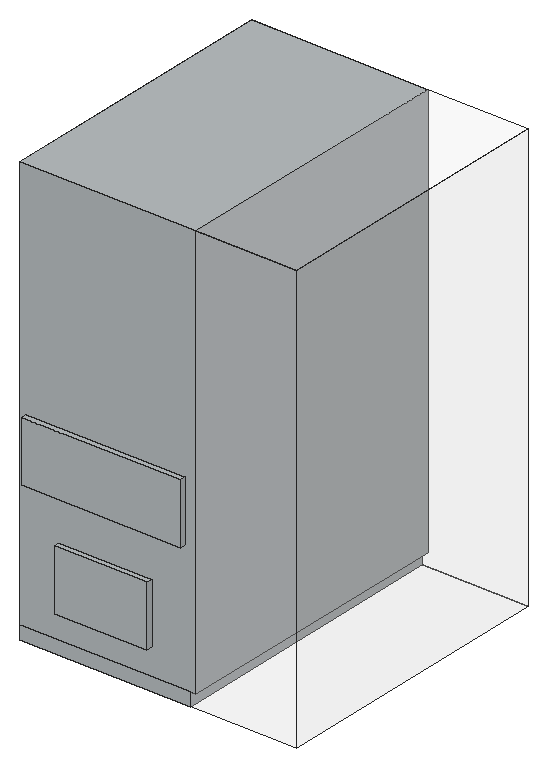
Revit family "lp-1000x4-50_50Hz", category 機械設備, Revit 2019
Family settings
  丸型コネクタ寸法 = 直径を使用
  パーツ タイプ = 標準
  OmniClass 番号 = 23.75.10.34.21
  OmniClass タイトル = Heat Exchangers for Ventilation Air
  作業面ベース = いいえ
  常に垂直 = はい
  ロード時にボイドで切り取り = いいえ
  共有 = いいえ
  部屋計算ポイント = はい
Parameters (values of type "LP-1000X4-50")
  騒音レベル(dB(A)) = 59.5
  風量 = 10000.0 m³/h
  面風速 = 10.33 m/s
  電源種別 [instance] = ""
  電圧 = 200 V
  電動機出力 = 5.5 W
  集中コントローラ = ""
  運転質量 = 0.00 kg
  連動 [instance] = ""
  質量 = if(製品質量 > 運転質量, 製品質量, 運転質量) * 1.2  # 1206.00 kg
  負荷分類 = 3_ファン類
  説明 = "設備用ロスナイ ビル用ロスナイパック形"
  設計風量 = 0.0 m³/h
  設置方法 = "床置形"
  記号 [instance] = ""
  製造元 = "三菱電機株式会社"
  製品質量 = 1005.00 kg
  製品出荷対象 = "国内"
  製品リリース年月 = "2018/7/25"
  製品グループ = ""
  系統 [instance] = ""
  符号 = "HEU"
  積算_科目 = "1 空気調和設備"
  積算_拾い区分 [instance] = ""
  相 = 3
  盤記号 [instance] = ""
  発停方法 [instance] = ""
  特殊仕様 [instance] = ""
  火災停止 [instance] = ""
  温度交換効率 = 77.00%
  消費電力 = 11400 W
  法定耐用年数 = "15"
  機外静圧_排気 = 380.0 Pa
  機外静圧 = 380.0 Pa
  極数 = 3
  材質 [instance] = ""
  本体固定用穴ピッチ2 = 565 mm
  本体固定用穴ピッチ1 = 1930 mm
  本体固定用穴_径 = 20 mm
  本体マテリアル = 溶融亜鉛めっき鋼板
  操作・制御方式 = ""
  操作・制御スイッチ = ""
  排気量 = 0.0 m³/h
  形式 = "床置形"
  幹線記号 [instance] = ""
  対象室 [instance] = ""
  実風量 = 0.0 m³/h
  始動方式 [instance] = "直入"
  外気量 = 0.0 m³/h
  呼称 = "全熱交換ユニット"
  周波数 = 50 Hz
  参照している仕様書等のバージョン = ""
  初期抵抗 = 0.0 Pa
  分類コード = "50052504100050"
  分類グループ = ""
  価格 = 9571000
  企業コード = "108420"
  付属品_フィルター_還気 = ""
  付属品_フィルター = ""
  付属品 [instance] = ""
  仕様書バージョン = "Version1.0"
  モデル = "LP-1000X4-50"
  メンテナンススペース = yes
  コメント [instance] = ""
  Keynote = ""
  エンタルピ交換効率_暖房 = 66.00%
  エンタルピ交換効率_冷房 = 60.00%
  Assembly Code = ""
  Width = 1218 mm
  W1 = 1180 mm
  Version = ""
  Uniclass2015Version = "Systems v1.9"
  Uniclass2015Title = "Thermal wheels"
  Uniclass2015Code = "Pr_60_60_36_88"
  URL = "https://www.mitsubishielectric.co.jp/ldg/wink/ssl/displayProduct.do?pid=294060"
  SpecificationReference = ""
  SpecificationDescription = ""
  SAサイズ_W = 640 mm
  SAサイズ_D = 420 mm
  Revision = ""
  RAダクト接続_通常 = yes
  RAダクト接続_変更4 = no
  RAダクト接続_変更3 = no
  RAダクト接続_変更2 = no
  RAダクト接続_変更1 = no
  RAサイズ_W = 1100 mm
  RAサイズ_D = 420 mm
  ProductInformation = ""
  OmniClassCode = "23-27 23 19 11"
  OAダクト接続_通常 = yes
  OAダクト接続_変更4 = no
  OAダクト接続_変更3 = no
  OAダクト接続_変更2 = no
  OAダクト接続_変更1 = no
  OAサイズ_W = 1100 mm
  OAサイズ_D = 420 mm
  MIN風量 = 0.0 m³/h
  MIN静圧 = 0.0 Pa
  MID風量 = 0.0 m³/h
  MID静圧 = 0.0 Pa
  MAX風量 = 10000.0 m³/h
  MAX静圧 = 380.0 Pa
  IfcTypeProduct = ""
  IfcProduct = ""
  IfcExportType = "ROTARYWHEEL"
  IfcExportAs = "IfcAirToAirHeatRecoveryType"
  Height = 2870 mm
  H1 = 90 mm
  EAサイズ_W = 640 mm
  EAサイズ_D = 420 mm
  Duct_SA_W = 273 mm
  Duct_SA_H = 274 mm
  Duct_RA_W = 43 mm
  Duct_RA_H = 296 mm
  Duct_RA_D = 49 mm
  Duct_Pitch1 = 80 mm
  Duct_OA_W = 43 mm
  Duct_OA_H = 296 mm
  Duct_OA_D = 49 mm
  Duct_Height = 41 mm
  Duct_EA_W = 273 mm
  Duct_EA_H = 274 mm
  Depth = 2000 mm
  D1 = 2000 mm
  Clearance Top = 0 mm
  Clearance Right = 700 mm
  Clearance Left = 0 mm
  Clearance Front = 0 mm
  Clearance Bottom = 0 mm
  Clearance Back = 0 mm
  Author = "三菱電機株式会社"
Reference planes
  plane 1 "中心(正面/背面)": y = 0
  plane 2: z = 0
  plane 3 "中心(左/右)": x = 0
  plane 4: x = 590
  plane 5: x = 628
  plane 6: y = 1000
  plane 7: y = 1000
  plane 8: y = -1000
  plane 9: y = -1000
  plane 10: x = -590
  plane 11: x = -590
  plane 12: y = 741
  plane 13: y = -741
  plane 14: y = -531
  plane 15: y = -951
  plane 16: y = 951
  plane 17: y = 531
  plane 18: x = -547
  plane 19: x = 553
  plane 20: z = 90
  plane 21: z = 2960
  plane 22: z = 3001
  plane 23: y = 565
  plane 24: y = -565
  plane 25: x = -965
  plane 26: x = 965
  plane 27: x = 1328
  plane 28: x = -590
  plane 29: y = 1000
  plane 30: y = -1000
  plane 31: z = 2960
  plane 32: z = 0
  plane 33: x = -317
  plane 34: x = 323
  plane 35: z = 274
  plane 36: z = 694
  plane 37: z = 990
  plane 38: z = 1410
  plane 39: x = -547
  plane 40: x = 553
  plane 41: y = -1041
  plane 42: y = 1041
  plane 43: x = -317
  plane 44: x = 323
  plane 45: z = 274
  plane 46: z = 694
  plane 47: z = 990
  plane 48: z = 1410
  plane 49: z = 1490
  plane 50: z = 1910
  plane 51: z = 1910
  plane 52: z = 1490
  plane 53: z = 1990
  plane 54: z = 1990
  plane 55: z = 2410
  plane 56: z = 2410
  plane 57: z = 2490
  plane 58: z = 2490
  plane 59: z = 2910
  plane 60: z = 2910
Forms (mm)
  Extrusion 1, solid, material "溶融亜鉛めっき鋼板" <- "本体マテリアル", detail levels fine
    sketch origin (0, 0, 0) x (1, 0, 0) y (0, 1, 0)
      loop
        line (-590, 1000) -> (-590, -1000) -> (628, -1000) -> (628, 1000) -> (-590, 1000)
    from 90 to 2960
  Extrusion 2, solid, material "溶融亜鉛めっき鋼板" <- "本体マテリアル", detail levels fine
    sketch origin (0, 0, 0) x (1, 0, 0) y (0, 1, 0)
      loop
        line (-590, 1000) -> (-590, -1000) -> (590, -1000) -> (590, 1000) -> (-590, 1000)
    from 0 to 90
  Extrusion 3, solid, material "溶融亜鉛めっき鋼板" <- "本体マテリアル", visible <- "RAダクト接続_変更1", detail levels fine
    sketch origin (0, 0, 0) x (1, 0, 0) y (0, 1, 0)
      loop
        line (-547, -951) -> (553, -951) -> (553, -531) -> (-547, -531) -> (-547, -951)
    from 2960 to 3001
  Extrusion 4, solid, material "溶融亜鉛めっき鋼板" <- "本体マテリアル", visible <- "OAダクト接続_変更1", detail levels fine
    sketch origin (0, 0, 0) x (1, 0, 0) y (0, 1, 0)
      loop
        line (-547, 951) -> (-547, 531) -> (553, 531) -> (553, 951) -> (-547, 951)
    from 2960 to 3001
  Extrusion 5, solid, material "溶融亜鉛めっき鋼板" <- "本体マテリアル", detail levels fine
    sketch origin (0, 0, 0) x (1, 0, 0) y (0, 0, 1)
      loop
        line (-317, 274) -> (323, 274) -> (323, 694) -> (-317, 694) -> (-317, 274)
    from 1000 to 1041
  Extrusion 6, solid, material "溶融亜鉛めっき鋼板" <- "本体マテリアル", detail levels fine
    sketch origin (0, 0, 0) x (1, 0, 0) y (0, 0, 1)
      loop
        line (323, 694) -> (-317, 694) -> (-317, 274) -> (323, 274) -> (323, 694)
    from -1041 to -1000
  Extrusion 7, solid, material "溶融亜鉛めっき鋼板" <- "本体マテリアル", visible <- "OAダクト接続_通常", detail levels fine
    sketch origin (0, -420, 0) x (1, 0, 0) y (0, 0, 1)
      loop
        line (-547, 990) -> (553, 990) -> (553, 1410) -> (-547, 1410) -> (-547, 990)
    from -1461 to -1420
  Extrusion 8, solid, material "溶融亜鉛めっき鋼板" <- "本体マテリアル", visible <- "RAダクト接続_通常", detail levels fine
    sketch origin (0, 240, 0) x (1, 0, 0) y (0, 0, 1)
      loop
        line (-547, 1410) -> (-547, 990) -> (553, 990) -> (553, 1410) -> (-547, 1410)
    from 1240 to 1281
  Extrusion 9, solid, material "溶融亜鉛めっき鋼板" <- "本体マテリアル", visible <- "OAダクト接続_変更4", detail levels fine
    sketch origin (0, 0, 0) x (1, 0, 0) y (0, 0, 1)
      loop
        line (553, 1490) -> (553, 1910) -> (-547, 1910) -> (-547, 1490) -> (553, 1490)
    from -1041 to -1000
  Extrusion 10, solid, material "溶融亜鉛めっき鋼板" <- "本体マテリアル", visible <- "RAダクト接続_変更4", detail levels fine
    sketch origin (0, 0, 0) x (1, 0, 0) y (0, 0, 1)
      loop
        line (553, 1490) -> (553, 1910) -> (-547, 1910) -> (-547, 1490) -> (553, 1490)
    from 1000 to 1041
  Extrusion 11, solid, material "溶融亜鉛めっき鋼板" <- "本体マテリアル", visible <- "RAダクト接続_変更3"
    sketch origin (0, 0, 0) x (1, 0, 0) y (0, 0, 1)
      loop
        line (-547, 1990) -> (553, 1990) -> (553, 2410) -> (-547, 2410) -> (-547, 1990)
    from 1000 to 1041
  Extrusion 12, solid, material "溶融亜鉛めっき鋼板" <- "本体マテリアル", visible <- "RAダクト接続_変更2"
    sketch origin (0, 0, 0) x (1, 0, 0) y (0, 0, 1)
      loop
        line (-547, 2490) -> (553, 2490) -> (553, 2910) -> (-547, 2910) -> (-547, 2490)
    from 1000 to 1041
  Extrusion 13, solid, material "溶融亜鉛めっき鋼板" <- "本体マテリアル", visible <- "OAダクト接続_変更3"
    sketch origin (0, 0, 0) x (1, 0, 0) y (0, 0, 1)
      loop
        line (-547, 1990) -> (553, 1990) -> (553, 2410) -> (-547, 2410) -> (-547, 1990)
    from -1041 to -1000
  Extrusion 14, solid, material "溶融亜鉛めっき鋼板" <- "本体マテリアル", visible <- "OAダクト接続_変更2"
    sketch origin (0, 0, 0) x (1, 0, 0) y (0, 0, 1)
      loop
        line (-547, 2490) -> (553, 2490) -> (553, 2910) -> (-547, 2910) -> (-547, 2490)
    from -1041 to -1000
Lines and regions (mm)
  Masking region 1, detail levels coarse+medium
    outline origin (1331.5, 88, 0) x (1, 0, 0) y (0, 1, 0)
      loop
        line (-1921.5, 912) -> (-1921.5, -1088) -> (-741.5, -1088) -> (-741.5, 912) -> (-1921.5, 912)
  symbolic lines, detail levels coarse+medium
    curve 1: line (0, 1000, 0) -> (-590, 0, 0)
    curve 2: line (-590, 0, 0) -> (0, -1000, 0)
    curve 3: line (0, -1000, 0) -> (590, 0, 0)
    curve 4: line (0, 1000, 0) -> (590, 0, 0)
Dimensions and locks
  equal spacing: plane 10, plane 3 "中心(左/右)", plane 4
  "W1": plane 10 to plane 4
  "Width": plane 11 to plane 5
  equal spacing: plane 7, plane 1 "中心(正面/背面)", plane 9
  "D1": plane 7 to plane 9
  equal spacing: plane 6, plane 1 "中心(正面/背面)", plane 8
  "Depth": plane 6 to plane 8
  equal spacing: plane 15, plane 13, plane 14
  "RAサイズ_D": plane 15 to plane 14
  equal spacing: plane 17, plane 12, plane 16
  "OAサイズ_D": plane 17 to plane 16
  "RAサイズ_W": plane 18 to plane 19
  locked: plane 11 to plane 10 at 0
  "H1": plane 20 to level
  "Height": plane 21 to plane 20
  "Duct_Height": plane 22 to plane 21
  "本体固定用穴ピッチ2": plane 1 "中心(正面/背面)" to plane 23
  "本体固定用穴ピッチ2": plane 24 to plane 1 "中心(正面/背面)"
  equal spacing: plane 25, plane 3 "中心(左/右)", plane 26
  "本体固定用穴ピッチ1": plane 25 to plane 26
  "Clearance Right": plane 5 to plane 27
  "Clearance Left": plane 28 to plane 11
  "Clearance Back": plane 29 to plane 6
  "Clearance Front": plane 8 to plane 30
  "Clearance Top": plane 31 to plane 21
  "Clearance Bottom": level to plane 32
  "Duct_RA_D": plane 8 to plane 15
  "Duct_OA_D": plane 6 to plane 16
  "Duct_SA_H": plane 35 to level
  "SAサイズ_D": plane 36 to plane 35
  "Duct_RA_H": plane 37 to plane 36
  "RAサイズ_D": plane 38 to plane 37
  "OAサイズ_W": plane 39 to plane 40
  "Duct_OA_W": plane 11 to plane 39
  "Duct_RA_W": plane 11 to plane 18
  "Duct_Height": plane 8 to plane 41
  "SAサイズ_W": plane 34 to plane 33
  "Duct_Height": plane 42 to plane 6
  "Duct_SA_W": plane 33 to plane 11
  "EAサイズ_D": plane 46 to plane 45
  "Duct_EA_H": plane 45 to level
  "Duct_EA_W": plane 43 to plane 11
  "EAサイズ_W": plane 44 to plane 43
  "OAサイズ_D": plane 48 to plane 47
  "Duct_OA_H": plane 47 to plane 46
  "Duct_Pitch1": plane 49 to plane 38
  "RAサイズ_D": plane 50 to plane 49
  "Duct_Pitch1": plane 52 to plane 48
  "OAサイズ_D": plane 51 to plane 52
  "Duct_Pitch1": plane 53 to plane 50
  "RAサイズ_D": plane 55 to plane 53
  "Duct_Pitch1": plane 58 to plane 55
  "RAサイズ_D": plane 60 to plane 58
  "Duct_Pitch1": plane 54 to plane 51
  "OAサイズ_D": plane 56 to plane 54
  "Duct_Pitch1": plane 57 to plane 56
  "OAサイズ_D": plane 59 to plane 57
  aligned and locked: level to plane 2
  aligned and locked: Extrusion 1 sketch curve to plane 6
  aligned and locked: plane 10 to Extrusion 1 sketch curve
  aligned and locked: Extrusion 1 sketch curve to plane 8
  aligned and locked: Extrusion 2 sketch curve to plane 7
  aligned and locked: plane 11 to Extrusion 2 sketch curve
  aligned and locked: Extrusion 2 sketch curve to plane 9
  aligned and locked: plane 15 to Extrusion 3 sketch curve
  aligned and locked: Extrusion 3 sketch curve to plane 18
  aligned and locked: plane 14 to Extrusion 3 sketch curve
  aligned and locked: Extrusion 3 sketch curve to plane 19
  aligned and locked: plane 9 to Masking region 1
  aligned and locked: Masking region 1 to plane 11
  aligned and locked: plane 7 to Masking region 1
  aligned and locked: Masking region 1 to curve 1
  aligned and locked: Masking region 1 to curve 2
  aligned and locked: plane 20 to Extrusion 2
  aligned and locked: plane 21 to Extrusion 1
  aligned and locked: Extrusion 1 to plane 20
  aligned and locked: plane 22 to Extrusion 3
  aligned and locked: Extrusion 3 to plane 21
  aligned and locked: plane 27 to nested 1
  aligned and locked: nested 1 to plane 30
  aligned and locked: nested 1 to plane 29
  aligned and locked: nested 1 to plane 31
  aligned and locked: nested 1 to plane 32
  aligned and locked: plane 9 to curve 2
  aligned and locked: plane 3 "中心(左/右)" to curve 3
  aligned and locked: plane 4 to curve 3
  aligned and locked: plane 3 "中心(左/右)" to curve 4
  aligned and locked: plane 1 "中心(正面/背面)" to curve 4
  aligned and locked: nested 2 to plane 24
  aligned and locked: plane 25 to nested 2
  aligned and locked: nested 2 to plane 26
  aligned and locked: plane 25 to nested 3
  aligned and locked: nested 3 to plane 26
  aligned and locked: plane 1 "中心(正面/背面)" to nested 3
  aligned and locked: plane 25 to nested 4
  aligned and locked: nested 4 to plane 26
  aligned and locked: nested 4 to plane 23
  aligned and locked: nested 1 to plane 28
  aligned and locked: Masking region 1 to plane 4
  aligned and locked: plane 4 to Extrusion 2 sketch curve
  aligned and locked: plane 5 to Extrusion 1 sketch curve
  aligned and locked: Extrusion 4 sketch curve to plane 16
  aligned and locked: plane 18 to Extrusion 4 sketch curve
  aligned and locked: Extrusion 4 sketch curve to plane 17
  aligned and locked: plane 22 to Extrusion 4
  aligned and locked: Extrusion 4 to plane 21
  aligned and locked: Extrusion 5 sketch curve to plane 35
  aligned and locked: Extrusion 5 sketch curve to plane 33
  aligned and locked: plane 36 to Extrusion 5 sketch curve
  aligned and locked: Extrusion 5 sketch curve to plane 34
  aligned and locked: Extrusion 5 to plane 41
  aligned and locked: Extrusion 5 to plane 8
  aligned and locked: Extrusion 6 to plane 42
  aligned and locked: Extrusion 6 to plane 6
  aligned and locked: Extrusion 7 to plane 42
  aligned and locked: Extrusion 7 to plane 6
  aligned and locked: Extrusion 8 sketch curve to plane 38
  aligned and locked: plane 18 to Extrusion 8 sketch curve
  aligned and locked: Extrusion 8 sketch curve to plane 37
  aligned and locked: plane 19 to Extrusion 8 sketch curve
  aligned and locked: Extrusion 8 to plane 41
  aligned and locked: Extrusion 8 to plane 8
  aligned and locked: plane 46 to Extrusion 6 sketch curve
  aligned and locked: plane 44 to Extrusion 6 sketch curve
  aligned and locked: Extrusion 6 sketch curve to plane 45
  aligned and locked: Extrusion 6 sketch curve to plane 43
  aligned and locked: Extrusion 7 sketch curve to plane 47
  aligned and locked: Extrusion 7 sketch curve to plane 18
  aligned and locked: plane 48 to Extrusion 7 sketch curve
  aligned and locked: plane 40 to Extrusion 4 sketch curve
  aligned and locked: Extrusion 7 sketch curve to plane 40
  aligned and locked: plane 52 to Extrusion 9 sketch curve
  aligned and locked: plane 40 to Extrusion 9 sketch curve
  aligned and locked: Extrusion 9 sketch curve to plane 51
  aligned and locked: Extrusion 9 to plane 42
  aligned and locked: Extrusion 9 to plane 6
  aligned and locked: Extrusion 10 sketch curve to plane 49
  aligned and locked: plane 19 to Extrusion 10 sketch curve
  aligned and locked: Extrusion 10 sketch curve to plane 50
  aligned and locked: plane 18 to Extrusion 10 sketch curve
  aligned and locked: plane 39 to Extrusion 9 sketch curve
  aligned and locked: Extrusion 10 to plane 41
  aligned and locked: Extrusion 10 to plane 8
  aligned and locked: Extrusion 11 sketch curve to plane 18
  aligned and locked: Extrusion 11 sketch curve to plane 19
  aligned and locked: Extrusion 11 sketch curve to plane 53
  aligned and locked: plane 55 to Extrusion 11 sketch curve
  aligned and locked: Extrusion 12 sketch curve to plane 58
  aligned and locked: Extrusion 12 sketch curve to plane 18
  aligned and locked: plane 60 to Extrusion 12 sketch curve
  aligned and locked: Extrusion 12 sketch curve to plane 19
  aligned and locked: Extrusion 13 sketch curve to plane 54
  aligned and locked: Extrusion 13 sketch curve to plane 39
  aligned and locked: plane 56 to Extrusion 13 sketch curve
  aligned and locked: Extrusion 13 sketch curve to plane 40
  aligned and locked: Extrusion 14 sketch curve to plane 57
  aligned and locked: Extrusion 14 sketch curve to plane 39
  aligned and locked: plane 59 to Extrusion 14 sketch curve
  aligned and locked: Extrusion 14 sketch curve to plane 40
  aligned and locked: Extrusion 14 to plane 42
  aligned and locked: Extrusion 14 to plane 6
  aligned and locked: Extrusion 13 to plane 42
  aligned and locked: Extrusion 13 to plane 6
  aligned and locked: Extrusion 12 to plane 41
  aligned and locked: Extrusion 12 to plane 8
  aligned and locked: Extrusion 11 to plane 41
  aligned and locked: Extrusion 11 to plane 8
Automatic sketch dimensions
  plane 1 "中心(正面/背面)" to curve 1 = 0 mm
  curve 1 to plane 10 = 0 mm
  curve 4 to plane 7 = 0 mm
  plane 9 to Masking region 1 sketch curve = 0 mm
  Masking region 1 sketch curve to plane 10 = 0 mm
  Masking region 1 sketch curve to plane 4 = 0 mm
  Masking region 1 sketch curve to plane 7 = 0 mm
Nested families
  nested 1: "メンテナンススペース" at (369, 0, 1480), visible <- "メンテナンススペース", type "メンテナンススペース"
    with Width 1918 mm, Height 2960 mm, Depth 2000 mm
  nested 2: "固定点" at (-965, -565, 0), type "固定点"
    with W 1930 mm, D 1000 mm
  nested 3: "固定点" at (-965, 0, 0), type "固定点"
    with W 1930 mm, D 1000 mm
  nested 4: "固定点" at (-965, 565, 0), type "固定点"
    with W 1930 mm, D 1000 mm
Connectors
  electrical at (628, 0, 1525), driven by "極数", driven by "負荷分類", driven by "電圧", driven by "消費電力"
    settings: on Extrusion 1, index 5, voltage 200 V, apparent load 11400 VA, apparent load phase1 0 VA, apparent load phase2 0 VA, apparent load phase3 0 VA, power factor 1, load classification "3_ファン類", number of poles 3, system type 30, power factor state 1, is connector primary yes, connector utility no, sub classification motor no, connector description ""
  hvac at (3, -1041, 484), driven by "SAサイズ_D", driven by "SAサイズ_W", driven by "機外静圧", driven by "風量"
    settings: on Extrusion 5, index 6, duct flow 10000.0 m³/h, flow factor 0, pres drop 380.0 Pa, loss coef 0, conn angle 0.00°, conn width 640 mm, conn height 420 mm, conn diameter 609.6 mm, duct sys type 1, conn prof type 1, flow config 0, flow direction 2, loss method 4, conn ref index -1, conn util no, is conn primary yes, conn desc ""
  hvac at (3, -1041, 1200), driven by "RAサイズ_D", driven by "RAサイズ_W", driven by "機外静圧", driven by "風量"
    settings: on Extrusion 8, index 8, duct flow 10000.0 m³/h, flow factor 0, pres drop 380.0 Pa, loss coef 0, conn angle 0.00°, conn width 1100 mm, conn height 420 mm, conn diameter 609.6 mm, duct sys type 2, conn prof type 1, flow config 0, flow direction 1, loss method 4, conn ref index -1, conn util no, is conn primary no, conn desc ""
  hvac at (3, -741, 3001), driven by "RAサイズ_D", driven by "RAサイズ_W"
    settings: on Extrusion 3, index 9, duct flow 0.0 m³/h, flow factor 0, pres drop 0.0 Pa, loss coef 0, conn angle 0.00°, conn width 1100 mm, conn height 420 mm, conn diameter 609.6 mm, duct sys type 2, conn prof type 1, flow config 0, flow direction 1, loss method 4, conn ref index -1, conn util no, is conn primary no, conn desc ""
  hvac at (3, 741, 3001), driven by "OAサイズ_D", driven by "OAサイズ_W", driven by "機外静圧", driven by "風量"
    settings: on Extrusion 4, index 10, duct flow 10000.0 m³/h, flow factor 0, pres drop 380.0 Pa, loss coef 0, conn angle 0.00°, conn width 1100 mm, conn height 420 mm, conn diameter 609.6 mm, duct sys type 4, conn prof type 1, flow config 0, flow direction 1, loss method 4, conn ref index -1, conn util no, is conn primary no, conn desc ""
  hvac at (3, 1041, 1200), driven by "OAサイズ_D", driven by "OAサイズ_W", driven by "機外静圧", driven by "風量"
    settings: on Extrusion 7, index 11, duct flow 10000.0 m³/h, flow factor 0, pres drop 380.0 Pa, loss coef 0, conn angle 0.00°, conn width 1100 mm, conn height 420 mm, conn diameter 609.6 mm, duct sys type 4, conn prof type 1, flow config 0, flow direction 1, loss method 4, conn ref index -1, conn util no, is conn primary no, conn desc ""
  hvac at (3, 1041, 484), driven by "EAサイズ_D", driven by "EAサイズ_W", driven by "機外静圧_排気", driven by "排気量"
    settings: on Extrusion 6, index 12, duct flow 0.0 m³/h, flow factor 0, pres drop 380.0 Pa, loss coef 0, conn angle 0.00°, conn width 640 mm, conn height 420 mm, conn diameter 609.6 mm, duct sys type 3, conn prof type 1, flow config 0, flow direction 2, loss method 4, conn ref index -1, conn util no, is conn primary no, conn desc ""
  hvac at (3, -1041, 1700), driven by "RAサイズ_D", driven by "RAサイズ_W", driven by "機外静圧", driven by "風量"
    settings: on Extrusion 10, index 13, duct flow 10000.0 m³/h, flow factor 0, pres drop 380.0 Pa, loss coef 0, conn angle 0.00°, conn width 1100 mm, conn height 420 mm, conn diameter 609.6 mm, duct sys type 2, conn prof type 1, flow config 0, flow direction 1, loss method 4, conn ref index -1, conn util no, is conn primary no, conn desc ""
  hvac at (3, 1041, 1700), driven by "OAサイズ_D", driven by "OAサイズ_W", driven by "機外静圧", driven by "風量"
    settings: on Extrusion 9, index 14, duct flow 10000.0 m³/h, flow factor 0, pres drop 380.0 Pa, loss coef 0, conn angle 0.00°, conn width 1100 mm, conn height 420 mm, conn diameter 609.6 mm, duct sys type 4, conn prof type 1, flow config 0, flow direction 1, loss method 4, conn ref index -1, conn util no, is conn primary no, conn desc ""
  hvac at (3, -1041, 2700), driven by "RAサイズ_D", driven by "RAサイズ_W", driven by "機外静圧", driven by "風量"
    settings: on Extrusion 12, index 15, duct flow 10000.0 m³/h, flow factor 0, pres drop 380.0 Pa, loss coef 0, conn angle 0.00°, conn width 1100 mm, conn height 420 mm, conn diameter 609.6 mm, duct sys type 2, conn prof type 1, flow config 0, flow direction 1, loss method 4, conn ref index -1, conn util no, is conn primary no, conn desc ""
  hvac at (3, -1041, 2200), driven by "RAサイズ_D", driven by "RAサイズ_W", driven by "機外静圧", driven by "風量"
    settings: on Extrusion 11, index 16, duct flow 10000.0 m³/h, flow factor 0, pres drop 380.0 Pa, loss coef 0, conn angle 0.00°, conn width 1100 mm, conn height 420 mm, conn diameter 609.6 mm, duct sys type 2, conn prof type 1, flow config 0, flow direction 1, loss method 4, conn ref index -1, conn util no, is conn primary no, conn desc ""
  hvac at (3, 1041, 2700), driven by "OAサイズ_D", driven by "OAサイズ_W", driven by "機外静圧", driven by "風量"
    settings: on Extrusion 14, index 17, duct flow 10000.0 m³/h, flow factor 0, pres drop 380.0 Pa, loss coef 0, conn angle 0.00°, conn width 1100 mm, conn height 420 mm, conn diameter 609.6 mm, duct sys type 4, conn prof type 1, flow config 0, flow direction 1, loss method 4, conn ref index -1, conn util no, is conn primary no, conn desc ""
  hvac at (3, 1041, 2200), driven by "OAサイズ_D", driven by "OAサイズ_W", driven by "機外静圧", driven by "風量"
    settings: on Extrusion 13, index 18, duct flow 10000.0 m³/h, flow factor 0, pres drop 380.0 Pa, loss coef 0, conn angle 0.00°, conn width 1100 mm, conn height 420 mm, conn diameter 609.6 mm, duct sys type 4, conn prof type 1, flow config 0, flow direction 1, loss method 4, conn ref index -1, conn util no, is conn primary no, conn desc ""
Definition of nested family "メンテナンススペース"
  Parameters (values of type "メンテナンススペース")
    Width [instance] = 500 mm
    Height [instance] = 500 mm
    Depth [instance] = 500 mm
  Reference planes
    plane 1 "中心(正面/背面)": y = 0
    plane 2: z = 0
    plane 3 "中心(左/右)": x = 0
    plane 4: y = -250
    plane 5: x = 250
    plane 6: y = 250
    plane 7: x = -250
    plane 8: z = 250
    plane 9: z = -250
  Forms (mm)
    Extrusion 1, solid
      sketch origin (-638.939, 0, 72.39) x (1, 0, 0) y (0, 1, 0)
        loop
          line (388.939, 250) -> (388.939, -250) -> (888.939, -250) -> (888.939, 250) -> (388.939, 250)
      from -322.39 to 177.61
  Lines and regions (mm)
    symbolic lines
      curve 1: line (-250, 0, 250) -> (250, 0, 250)
      curve 2: line (-250, 0, -250) -> (-250, 0, 250)
      curve 3: line (250, 0, -250) -> (-250, 0, -250)
      curve 4: line (250, 0, 250) -> (250, 0, -250)
      curve 5: line (0, -250, 250) -> (0, 250, 250)
      curve 6: line (0, -250, -250) -> (0, -250, 250)
      curve 7: line (0, 250, -250) -> (0, -250, -250)
      curve 8: line (0, 250, 250) -> (0, 250, -250)
      curve 9: line (-250, 250, 0) -> (250, 250, 0)
      curve 10: line (-250, -250, 0) -> (-250, 250, 0)
      curve 11: line (250, -250, 0) -> (-250, -250, 0)
      curve 12: line (250, 250, 0) -> (250, -250, 0)
  Dimensions and locks
    equal spacing: plane 7, plane 3 "中心(左/右)", plane 5
    equal spacing: plane 4, plane 1 "中心(正面/背面)", plane 6
    "Depth": plane 4 to plane 6
    "Width": plane 7 to plane 5
    equal spacing: plane 8, plane 2, plane 9
    "Height": plane 8 to plane 9
    aligned and locked: plane 9 to curve 3
    aligned and locked: plane 7 to curve 2
    aligned and locked: curve 4 to plane 5
    aligned and locked: plane 5 to Extrusion 1
    aligned and locked: Extrusion 1 to plane 7
    aligned and locked: Extrusion 1 to plane 9
    aligned and locked: plane 8 to Extrusion 1
    aligned and locked: plane 9 to curve 7
  Automatic sketch dimensions
    plane 4 to Extrusion 1 sketch curve = 0 mm
    Extrusion 1 sketch curve to plane 7 = 0 mm
    Extrusion 1 sketch curve to plane 5 = 0 mm
    plane 6 to Extrusion 1 sketch curve = 0 mm
    curve 2 to plane 8 = 0 mm
    plane 4 to curve 11 = 0 mm
    curve 11 to plane 7 = 0 mm
    curve 11 to plane 5 = 0 mm
    plane 6 to curve 10 = 0 mm
    curve 7 to plane 4 = 0 mm
    curve 7 to plane 6 = 0 mm
    curve 6 to plane 8 = 0 mm
Definition of nested family "固定点"
  Parameters (values of type "固定点")
    中心円 = 20 mm
    W [instance] = 1000 mm
    D [instance] = 1000 mm
  Reference planes
    plane 1 "中心(正面/背面)": y = 0
    plane 2: z = 0
    plane 3 "中心(左/右)": x = 0
    plane 4: x = 1000
  Lines and regions (mm)
    symbolic lines, detail levels fine
      curve 1: circle (0, 0, 0) r 10 normal (0, 0, 1)
      curve 2: circle (1000, 0, 0) r 10 normal (0, 0, 1)
      curve 3: line (-200, 0, 0) -> (1200, 0, 0)
      curve 4: line (0, 200, 0) -> (0, -200, 0)
      curve 5: line (1000, 200, 0) -> (1000, -200, 0)
  Dimensions and locks
    "W": plane 3 "中心(左/右)" to plane 4
    "中心円": diameter of curve 1
    "中心円": diameter of curve 2
    aligned and locked: level to plane 2
    aligned and locked: plane 3 "中心(左/右)" to curve 1
    aligned and locked: plane 1 "中心(正面/背面)" to curve 1
    aligned and locked: plane 1 "中心(正面/背面)" to curve 2
    aligned and locked: plane 4 to curve 2
    aligned and locked: plane 1 "中心(正面/背面)" to curve 3
    aligned and locked: curve 4 to plane 3 "中心(左/右)"
    aligned and locked: curve 5 to plane 4
  Automatic sketch dimensions
    curve 3 to plane 3 "中心(左/右)" = 200 mm
    curve 2 to curve 3 = 200 mm
    plane 1 "中心(正面/背面)" to curve 4 = 200 mm
    plane 1 "中心(正面/背面)" to curve 5 = 200 mm
    curve 5 to plane 1 "中心(正面/背面)" = 200 mm
    curve 4 to plane 1 "中心(正面/背面)" = 200 mm
